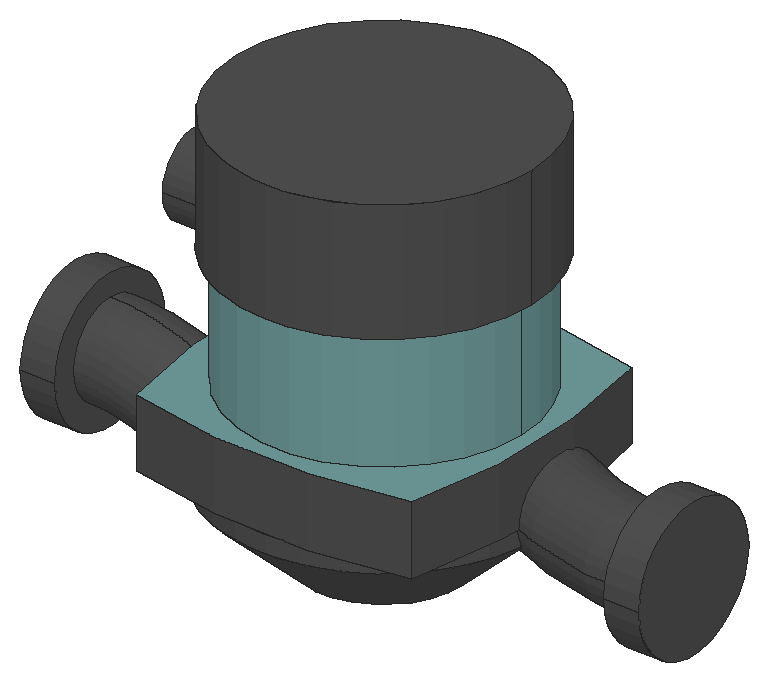
Revit family "Shinhoo_MASTER_S", category Оборудование, Revit 2019
Family settings
  Размер круглого соединителя = Использовать диаметр
  Классификация = Нет
  Тип детали = Вставляется
  На основе рабочей плоскости = Нет
  Всегда вертикально = Нет
  При загрузке вырезать с полостями = Нет
  Общий = Нет
  Точка расчета площади = Нет
Parameters (values of type "MASTER S 25-4 180 1x230В - 71111002")
  Тип основания = "встроенный"  # constant formula
  Тип Насоса = "Энергоэффективный циркуляционный насос с «мокрым» ротором"  # constant formula
  Степень защиты от удара (IK) = "IK04"  # constant formula
  Скорость вращения = 2850  # constant formula
  Разработчик (телефон) = "+7(495)649-85-43"  # constant formula
  Разработчик (e-mail) = "office@prorubim.com"  # constant formula
  Разработчик = "ООО ПРОРУБИМ"  # constant formula
  Переключатель УГО [instance] = no
  Класс защиты (IP) = "IP44"  # constant formula
  r6 = d6 / 2  # 20 mm
  r1_3 = r1 + (r1 / 2)  # 20 mm
  r1_1 = r1 + 1 mm  # 14.333 mm
  r1 = d1 / 2  # 13.333 mm
  b1_20 = B2 - (B2 / 7)  # 38.571 mm
  Группа модели = "MASTER S 25-4 180 1x230В"
  Изготовитель = "Shinhoo"  # constant formula
  URL = "https://shinhoopump.ru/"
  L = 180 mm
  H1 = 38 mm  # constant formula
  H2 = 90 mm  # constant formula
  H = H2 + H1  # 128 mm
  DN = 25 mm
  d6 = 40 mm  # constant formula
  d1 = d6 / 1.5  # 26.667 mm
  B1 = 45 mm  # constant formula
  B2 = 45 mm  # constant formula
  B = B2 + B1  # 90 mm
  ADSK_Ток = 0.25 A
  ADSK_Расход жидкости = 0.000778 m³/s
  ADSK_Полная мощность = 26 VA
  ADSK_Позиция = ""
  ADSK_Обозначение = "ГОСТ 31839-2012, ГОСТ 12.2.007.0-75, ГОСТ 12.2.003-91, ГОСТ Р МЭК 60204-1-2007,  ГОСТ 30804"  # constant formula
  ADSK_Номинальная мощность = 26 W
  ADSK_Напряжение = 230 V  # constant formula
  ADSK_Наименование краткое = "MASTER S 25-4 180 1x230В"
  ADSK_Наименование = "Энергоэффективный циркуляционный насос с «мокрым» ротором MASTER S 25-4 180 1x230В"
  ADSK_Материал = Чугун с катафорезным покрытием
  ADSK_Масса_Текст = "1.9"
  ADSK_Масса = 1.9
  ADSK_Марка = ""
  ADSK_Коэффициент мощности = 1  # constant formula
  ADSK_Количество = 1  # constant formula
  ADSK_Код изделия = "71111002"
  ADSK_Завод-изготовитель = "Shinhoo"  # constant formula
  ADSK_Единица измерения = "шт"  # constant formula
  ADSK_Версия семейства = "1.0"  # constant formula
  ADSK_Версия Revit = "2019"  # constant formula
  ADSK_URL страницы изделия = "https://shinhoopump.ru/"
Types (8, lengths in mm): name | Группа модели | L | DN | ADSK_Ток | ADSK_Расход жидкости | ADSK_Полная мощность | ADSK_Номинальная мощность | ADSK_Наименование краткое | ADSK_Наименование | ADSK_Масса_Текст | ADSK_Масса | ADSK_Код изделия
  (no name) | "MASTER S 25-4 180 1x230В" | 180 | 25 | 0.25 A | 0.000778 m³/s | 26 VA | 26 W | "MASTER S 25-4 180 1x230В" | "Энергоэффективный циркуляционный насос с «мокрым» ротором MASTER S 25-4 180 1x230В" | "1.9" | 1.9 | "71111002"
  MASTER S 25-6 130 1x230В - 71111001 | "MASTER S 25-6 130 1x230В" | 130 | 25 | 0.35 A | 0.000889 m³/s | 39 VA | 39 W | "MASTER S 25-6 130 1x230В" | "Энергоэффективный циркуляционный насос с «мокрым» ротором MASTER S 25-6 130 1x230В" | "1.8" | 1.8 | "71111001"
  MASTER S 25-4 180 1x230В - 71111002 | "MASTER S 25-4 180 1x230В" | 180 | 25 | 0.25 A | 0.000778 m³/s | 26 VA | 26 W | "MASTER S 25-4 180 1x230В" | "Энергоэффективный циркуляционный насос с «мокрым» ротором MASTER S 25-4 180 1x230В" | "1.9" | 1.9 | "71111002"
  MASTER S 25-6 180 1x230В - 71111003 | "MASTER S 25-6 180 1x230В" | 180 | 25 | 0.35 A | 0.000889 m³/s | 39 VA | 39 W | "MASTER S 25-6 180 1x230В" | "Энергоэффективный циркуляционный насос с «мокрым» ротором MASTER S 25-6 180 1x230В" | "1.9" | 1.9 | "71111003"
  MASTER S 25-7.5 180 1x230В - 71111004 | "MASTER S 25-7.5 180 1x230В" | 180 | 25 | 0.5 A | 0.001111 m³/s | 60 VA | 60 W | "MASTER S 25-7.5 180 1x230В" | "Энергоэффективный циркуляционный насос с «мокрым» ротором MASTER S 25-7.5 180 1x230В" | "1.9" | 1.9 | "71111004"
  MASTER S 32-4 180 1x230В - 71111005 | "MASTER S 32-4 180 1x230В" | 180 | 32 | 0.25 A | 0.000778 m³/s | 26 VA | 26 W | "MASTER S 32-4 180 1x230В" | "Энергоэффективный циркуляционный насос с «мокрым» ротором MASTER S 32-4 180 1x230В" | "2" | 2 | "71111005"
  MASTER S 32-6 180 1x230В - 71111006 | "MASTER S 32-6 180 1x230В" | 180 | 32 | 0.35 A | 0.000889 m³/s | 39 VA | 39 W | "MASTER S 32-6 180 1x230В" | "Энергоэффективный циркуляционный насос с «мокрым» ротором MASTER S 32-6 180 1x230В" | "2" | 2 | "71111006"
  MASTER S 32-7.5 180 1x230В - 71111007 | "MASTER S 32-7.5 180 1x230В" | 180 | 32 | 0.5 A | 0.001111 m³/s | 60 VA | 60 W | "MASTER S 32-7.5 180 1x230В" | "Энергоэффективный циркуляционный насос с «мокрым» ротором MASTER S 32-7.5 180 1x230В" | "2" | 2 | "71111007"
Reference planes
  plane 1 "Center (Front/Back)": y = 0
  plane 2: z = 0
  plane 3 "Center (Left/Right)": x = 0
  plane 4: x = -90
  plane 5: x = 90
  plane 6: through (0, 0, 1200) normal (-0.7071, 0.7071, 0)
  plane 7: y = 45
  plane 8: z = -38
  plane 9: z = 90
  plane 10: z = -13.333
  plane 11: through (0, 0, 1200) normal (0.7071, 0.7071, 0)
  plane 12: through (31.82, 31.82, 1200) normal (0.7071, 0.7071, 0)
  plane 13: y = -45
  plane 14: x = 45
  plane 15: x = -45
Forms (mm)
  Sweep 1, solid, material "Чугун с катафорезным покрытием" <- "ADSK_Материал", detail levels fine
    path origin (0, 0, 0) x (1, 0, 0) y (0, 0, 1)
      loop
        spline (-85, 0) -> (-74.675, 0.394) -> (-65.249, -1.426) -> (-56.568, -4.816) -> (-48.479, -9.135) -> (-40.829, -13.739) -> (-33.463, -17.987) -> (-26.229, -21.235) -> (-18.973, -22.842) -> (-11.542, -22.164) -> (-3.783, -18.559) -> (4.457, -11.386) -> (13.333, 0)
    profile origin (-33.463, 0, -17.987) x (0.468261, 0, 0.88359) y (0, -1, 0)
      loop
        circle (0, 0) r 13.333
  Revolve 2, solid, material "Чугун с катафорезным покрытием" <- "ADSK_Материал", detail levels fine
    sketch origin (0, 0, 0) x (1, 0, 0) y (0, 0, 1)
      loop
        line (0, 0) -> (-45, 0) -> (-45, -5) -> (-22.5, -25.667) -> (0, -25.667) -> (0, 0)
      axis (0, 0) -> (0, -25.667)
    angle from 0 to 360
  Sweep 3, solid, material "Чугун с катафорезным покрытием" <- "ADSK_Материал", detail levels fine
    path origin (0, 0, 0) x (1, 0, 0) y (0, 1, 0)
      loop
        spline (86.259, 0) -> (81.115, -0.48) -> (75.929, -0.544) -> (70.699, -0.193) -> (65.426, 0.575) -> (60.11, 1.758) -> (54.75, 3.357) -> (49.347, 5.372) -> (43.901, 7.803) -> (38.412, 10.65) -> (32.879, 13.912) -> (27.304, 17.591) -> (21.685, 21.685)
    profile origin (54.75, 3.357, 0) x (-0.31834, -0.947977, 0) y (0, 0, 1)
      loop
        circle (0, 0) r 13.333
  Extrusion 4, solid, material "Чугун с катафорезным покрытием" <- "ADSK_Материал", detail levels fine
    sketch origin (-90, 716.956, 1200) x (0, 1, 0) y (0, 0, 1)
      loop
        circle (-716.956, -1200) r 20
    from 0 to 10
  Extrusion 5, solid, material "Чугун с катафорезным покрытием" <- "ADSK_Материал", detail levels fine
    sketch origin (90, 716.956, 1200) x (0, 1, 0) y (0, 0, 1)
      loop
        circle (-716.956, -1200) r 20
    from 0 to -10
  Extrusion 6, solid, material "Чугун с катафорезным покрытием" <- "ADSK_Материал", detail levels fine
    sketch origin (0, 0, 0) x (1, 0, 0) y (0, 1, 0)
      loop
        arc (-40, 40) -> (-45, 0) -> (-40, -40) r 162.5
        arc (-40, -40) -> (0, -45) -> (40, -40) r 162.5
        arc (40, -40) -> (45, 0) -> (40, 40) r 162.5
        arc (40, 40) -> (0, 45) -> (-40, 40) r 162.5
    from 0 to 20
  Extrusion 7, solid, material "Чугун с катафорезным покрытием" <- "ADSK_Материал", detail levels fine
    sketch origin (0, 0, 0) x (1, 0, 0) y (0, 1, 0)
      loop
        circle (0, 0) r 40
    from 20 to 55
  Extrusion 8, solid, material "Чугун с катафорезным покрытием" <- "ADSK_Материал", detail levels fine
    sketch origin (0, 0, 0) x (1, 0, 0) y (0, 1, 0)
      loop
        circle (0, 0) r 43
    from 55 to 90
  Extrusion 9, solid, material "Чугун с катафорезным покрытием" <- "ADSK_Материал", detail levels fine
    sketch origin (90, 716.956, 1200) x (0, 1, 0) y (0, 0, 1)
      loop
        circle (-716.956, -1145) r 12
    from -90 to -145
Cuts and joins
  joined: Sweep 1, Revolve 2, Sweep 3, Extrusion 4, Extrusion 5, Extrusion 6, Extrusion 7, Extrusion 8, Extrusion 9
Dimensions and locks
  equal spacing: plane 4, plane 3 "Center (Left/Right)", plane 5
  "L": plane 4 to plane 5
  "B2": plane 1 "Center (Front/Back)" to plane 7
  "H1": level to plane 8
  "H2": plane 9 to level
  "r1": level to plane 10
  "B2": plane 12 to plane 11
  locked: plane 4 to Extrusion 4 at 10
  locked: Extrusion 5 to plane 5 at 10
  locked: Sweep 1 sketch curve to plane 4 at 5
  locked: plane 7 to Extrusion 6 sketch curve at 5  (x2)
  "B2": plane 15 to plane 3 "Center (Left/Right)" to plane 14
  "B2": plane 13 to plane 1 "Center (Front/Back)"
  locked: plane 13 to Extrusion 6 sketch curve at 5  (x2)
  locked: Extrusion 6 sketch curve to plane 14 at 5  (x2)
  locked: plane 15 to Extrusion 6 sketch curve at 5  (x2)
  locked: plane 7 to Extrusion 6 sketch curve at 0
  locked: plane 13 to Extrusion 6 sketch curve at 0
  locked: plane 14 to Extrusion 6 sketch curve at 0
  locked: plane 15 to Extrusion 6 sketch curve at 0
  "r6": Extrusion 6 to level
  "r1_1": plane 12 to Sweep 3 sketch curve
  locked: Sweep 3 sketch curve to plane 5 at 3.741
  "r1": Sweep 1 sketch curve to plane 3 "Center (Left/Right)"
  locked: cut or joined group 1 (Sweep 1, Revolve 2, Sweep 3, Extrusion 4, Extrusion 5, Extrusion 6, Extrusion 7, Extrusion 8, Extrusion 9) to plane 15 at 10
  equal spacing: plane 10, Revolve 2 sketch curve, plane 8
  equal spacing: plane 3 "Center (Left/Right)", Revolve 2 sketch curve, plane 15
  locked: plane 2 to Revolve 2 sketch curve at 5
  "d1": diameter of Sweep 1 sketch curve
  "d1": diameter of Sweep 3 sketch curve
  "d6": diameter of Extrusion 5 sketch curve
  "d6": diameter of Extrusion 4 sketch curve
  radius of Extrusion 8 sketch curve = 43 mm
  aligned and locked: level to plane 2
  aligned and locked: Revolve 2 sketch curve to plane 3 "Center (Left/Right)"  (x2)
  aligned and locked: level to Sweep 1 sketch curve  (x2)
  aligned and locked: plane 6 to Sweep 3 sketch curve
  aligned and locked: plane 1 "Center (Front/Back)" to Sweep 3 sketch curve
  aligned and locked: Extrusion 7 to cut or joined group 1
  aligned and locked: Extrusion 8 to cut or joined group 1
  aligned and locked: plane 9 to Extrusion 8
  aligned and locked: plane 2 to Revolve 2 sketch curve
  aligned and locked: plane 3 "Center (Left/Right)" to nested 1
  aligned and locked: plane 1 "Center (Front/Back)" to nested 1
Automatic sketch dimensions
  plane 1 "Center (Front/Back)" to Extrusion 7 sketch curve = 0 mm
  Extrusion 7 sketch curve to plane 3 "Center (Left/Right)" = 0 mm
  plane 1 "Center (Front/Back)" to Extrusion 8 sketch curve = 0 mm
  Extrusion 8 sketch curve to plane 3 "Center (Left/Right)" = 0 mm
  Extrusion 9 sketch curve to plane 1 "Center (Front/Back)" = 0 mm
  Extrusion 9 sketch curve to plane 9 = 35 mm
  plane 15 to Revolve 2 sketch curve = 0 mm
  Revolve 2 sketch curve to plane 8 = 26 mm
  Revolve 2 sketch curve to plane 9 = 31 mm
  Revolve 2 sketch curve to plane 3 "Center (Left/Right)" = 22.5 mm
  Sweep 1 sketch curve to plane 1 "Center (Front/Back)" = 0 mm
  Sweep 1 sketch curve to profile plane = 0 mm
  level to Sweep 3 sketch curve = 0 mm
  Sweep 3 sketch curve to profile plane = 0 mm
  Extrusion 4 sketch curve to level = 0 mm
  Extrusion 4 sketch curve to plane 1 "Center (Front/Back)" = 0 mm
  Extrusion 5 sketch curve to level = 0 mm
  Extrusion 5 sketch curve to plane 1 "Center (Front/Back)" = 0 mm
  radius of Extrusion 7 sketch curve = 40 mm
  radius of Extrusion 9 sketch curve = 12 mm
Nested families
  nested 1: "УГО_Насос циркуляционный" at (0, 0, 0), L_УГО <- "L", Переключатель УГО <- "Переключатель УГО", type "УГО_Насос циркуляционный", detail levels coarse+medium
    with УГО yes, Переключатель УГО no, L_УГО 180 mm
Connectors
  piping at (-90, 0, 0), diameter 25, driven by "DN", driven by "ADSK_Расход жидкости"
    settings: on cut or joined group 1, index 1, connector inside diameter 609.6 mm, connector length 0 mm, flow factor 0, pipe flow 0.000778 m³/s, pressure drop 0.0 Pa, fitting loss kfactor 0, connector angle 0.00°, fixture units 0, engagement length 0 mm, angle of deflection 0.00°, flow configuration 0, flow direction 1, fitting loss method 0, system type 29, joint type 0, gender type 0, connector reference index 4, connector utility 0, adjustable connector no, is connector primary yes, connector description ""
  piping at (90, 0, 0), diameter 25, driven by "DN", driven by "ADSK_Расход жидкости"
    settings: on cut or joined group 1, index 4, connector inside diameter 609.6 mm, connector length 0 mm, flow factor 0, pipe flow 0.000778 m³/s, pressure drop 0.0 Pa, fitting loss kfactor 0, connector angle 0.00°, fixture units 0, engagement length 0 mm, angle of deflection 0.00°, flow configuration 0, flow direction 2, fitting loss method 0, system type 29, joint type 0, gender type 0, connector reference index 1, connector utility 0, adjustable connector no, is connector primary no, connector description ""
  electrical at (-55, 0, 55), driven by "ADSK_Напряжение", driven by "ADSK_Полная мощность", driven by "ADSK_Коэффициент мощности"
    settings: on cut or joined group 1, index 5, voltage 230 V, apparent load 26 VA, apparent load phase1 0 VA, apparent load phase2 0 VA, apparent load phase3 0 VA, power factor 1, load classification "Прочее", number of poles 1, system type 30, power factor state 0, is connector primary yes, connector utility no, sub classification motor no, connector description ""
